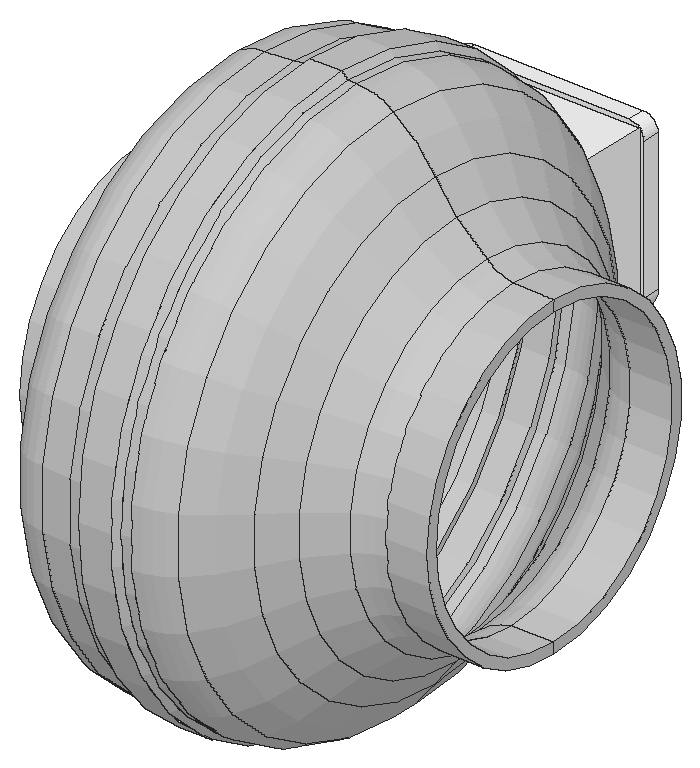
Revit family "CK 150 B AC 7000043", category Mechanical Equipment, Revit 2014
Parameters (values of type "CK 150 B AC")
  Wiring diagram = "4040001"
  Weight = 3.00 kg
  Voltage range = "220-240 / 50/60 V/Hz"
  Voltage = 230 V
  Speed = "2540 rpm"
  Sound pressure level at 3 m = "42 dB(A)"
  Power = 62 W
  Phase = 1
  Max. temperature of transported air when speed controlled = 60 °C
  Max. temperature of transported air = 60 °C
  Main Material = Steel, Galvanized
  Frequency = 50 Hz
  Elevation [instance] = 2735.5 mm
  Diameter = 149 mm
  Current = 0.27 A
  Capacitor = "2 μF"
Reference planes
  plane 1 "Center (Front/Back)": y = 0
  plane 2: z = 0
  plane 3 "Center (Left/Right)": x = 0
  plane 4: z = 2735.5
Dimensions and locks
  "Elevation": plane 4 to plane 2
  aligned and locked: level to plane 2
  aligned and locked: plane 1 "Center (Front/Back)" to nested 1
  aligned and locked: plane 3 "Center (Left/Right)" to nested 1
  aligned and locked: plane 1 "Center (Front/Back)" to nested 2
  aligned and locked: plane 3 "Center (Left/Right)" to nested 2
  aligned and locked: nested 1 to plane 4
Nested families
  nested 1: "CK 150 B AC_CK 150 B EC_geometry" at (0, 0, 2600), type "CK 150 B AC_CK 150 B EC_geometry"
  nested 2: "Flow direction symbol" at (0, 0, 0), type "Flow direction symbol"
Connectors
  hvac at (-95.5, 0, 2735.5), driven by "Diameter"
    settings: on nested 1, index 1, duct flow 0.0 L/s, flow factor 0, pres drop 0.0 Pa, loss coef 0, conn angle 0.00°, conn width 304.8 mm, conn height 304.8 mm, conn diameter 149 mm, duct sys type 1, conn prof type 0, flow config 0, flow direction 1, loss method 0, conn ref index -1, conn util no, is conn primary yes, conn desc ""
  hvac at (95.5, 0, 2735.5), driven by "Diameter"
    settings: on nested 1, index 2, duct flow 0.0 L/s, flow factor 0, pres drop 0.0 Pa, loss coef 0, conn angle 0.00°, conn width 304.8 mm, conn height 304.8 mm, conn diameter 149 mm, duct sys type 3, conn prof type 0, flow config 0, flow direction 2, loss method 0, conn ref index -1, conn util no, is conn primary no, conn desc ""
  electrical at (-43.502, 176.31, 2736.259), driven by "Phase", driven by "Voltage"
    settings: on nested 1, index 3, voltage 230 V, apparent load 0 VA, apparent load phase1 0 VA, apparent load phase2 0 VA, apparent load phase3 0 VA, power factor 1, load classification "Other", number of poles 1, system type 31, power factor state 1, is connector primary yes, connector utility no, sub classification motor no, connector description ""
Definition of nested family "CK 150 B AC_CK 150 B EC_geometry"
  Parameters (values of type "CK 150 B AC_CK 150 B EC_geometry")
    Main Material = Steel, Galvanized
  Reference planes
    plane 1 "Center (Front/Back)": y = 0
    plane 2: z = 0
    plane 3 "Center (Left/Right)": x = 0
    plane 4: z = 135.5
    plane 5: y = 176.31
    plane 6: y = 135.5
    plane 7: y = -135.5
    plane 8: x = -95.5
    plane 9: x = 95.5
    plane 10: z = 271
  Forms (mm)
    Revolve 1, solid, material "Steel, Galvanized" <- "Main Material", detail levels medium+fine
      sketch origin (0, 0, 0) x (1, 0, 0) y (0, 0, 1)
        loop
          line (-95.5, 135.5) -> (-95.5, 61) -> (-73.189, 61)
          arc (-73.189, 61) -> (-69.858, 60.044) -> (-67.542, 57.466) r 6.277
          line (-67.542, 57.466) -> (-61.367, 25.696)
          arc (-61.367, 25.696) -> (-55.154, 10.696) -> (-40.154, 4.483) r 21.213
          line (-40.154, 4.483) -> (-26.877, 3.555) -> (-19.319, 2.222) -> (-19.319, 0) -> (-4.319, 0) -> (-1.533, 2.786) -> (3.068, 2.786)
          arc (3.068, 2.786) -> (12.22, 4.236) -> (20.475, 8.447) r 29.588
          arc (20.475, 8.447) -> (31.087, 17.776) -> (39.808, 28.893) r 76.717
          arc (39.808, 28.893) -> (44.627, 35.765) -> (49.961, 42.245) r 108.834
          arc (49.961, 42.245) -> (56.533, 49.014) -> (63.667, 55.189) r 108.834
          arc (63.667, 55.189) -> (69.522, 58.814) -> (76.052, 61) r 29.827
          line (76.052, 61) -> (95.5, 61) -> (95.5, 135.5) -> (-95.5, 135.5)
        axis (95.5, 135.5) -> (-95.5, 135.5)
      angle from 0 to 360
    Extrusion 2, solid, material "Plastic", detail levels medium+fine
      sketch origin (0, 16.648, 13.75) x (1, 0, 0) y (0, 0, 1)
        loop
          line (-4.004, 163.259) -> (-83, 163.259)
          arc (-83, 163.259) -> (-87.95, 161.209) -> (-90, 156.259) r 7
          line (-90, 156.259) -> (-90, 90.259)
          arc (-90, 90.259) -> (-87.071, 83.188) -> (-80, 80.259) r 10
          line (-80, 80.259) -> (-7.004, 80.259)
          arc (-7.004, 80.259) -> (0.067, 83.188) -> (2.996, 90.259) r 10
          line (2.996, 90.259) -> (2.996, 156.259)
          arc (2.996, 156.259) -> (0.945, 161.209) -> (-4.004, 163.259) r 7
      from -159.662 to -151.628
    Extrusion 3, solid, material "Plastic", detail levels medium+fine
      sketch origin (0, 16.648, 13.75) x (0, 1, 0) y (0, 0, 1)
        loop
          line (118.852, 161.259) -> (118.852, 81.741) -> (151.628, 81.741) -> (151.628, 161.259) -> (118.852, 161.259)
      from -88 to 1
    Revolve 4, solid, material "Steel, Galvanized" <- "Main Material", detail levels coarse
      sketch origin (0, 0, 0) x (1, 0, 0) y (0, 0, 1)
        loop
          line (-95.5, 135.5) -> (-95.5, 61) -> (-72.314, 61)
          arc (-72.314, 61) -> (-68.991, 59.866) -> (-67.055, 56.938) r 5.435
          line (-67.055, 56.938) -> (-60.977, 22.47)
          arc (-60.977, 22.47) -> (-53.23, 8.764) -> (-38.588, 2.976) r 23.61
          arc (-38.588, 2.976) -> (-29.109, 2.055) -> (-19.811, 0) r 78.948
          line (-19.811, 0) -> (0, 0)
          arc (0, 0) -> (15.185, 3.614) -> (27.114, 13.682) r 33.709
          arc (27.114, 13.682) -> (41.035, 31.516) -> (55.883, 48.585) r 425.455
          arc (55.883, 48.585) -> (66.479, 56.788) -> (79.199, 61) r 39.718
          line (79.199, 61) -> (95.5, 61) -> (95.5, 135.5) -> (-95.5, 135.5)
        axis (95.5, 135.5) -> (-95.5, 135.5)
      angle from 0 to 360
    Revolve 5, void
      sketch origin (0, 0, 0) x (1, 0, 0) y (0, 0, 1)
        loop
          line (-95.5, 135.5) -> (-95.5, 66) -> (-73.189, 66)
          arc (-73.189, 66) -> (-66.891, 64.078) -> (-62.741, 58.968) r 11.277
          line (-62.741, 58.968) -> (-56.361, 26.146)
          arc (-56.361, 26.146) -> (-51.719, 14.334) -> (-39.991, 9.484) r 16.213
          line (-39.991, 9.484) -> (-26.267, 8.524) -> (-19.319, 7.299) -> (-19.319, 5) -> (-6.39, 5) -> (-1.533, 7.786) -> (3.068, 7.786)
          arc (3.068, 7.786) -> (10.674, 8.991) -> (17.533, 12.49) r 24.588
          arc (17.533, 12.49) -> (27.454, 21.211) -> (35.607, 31.604) r 71.717
          arc (35.607, 31.604) -> (40.647, 38.792) -> (46.226, 45.57) r 113.834
          arc (46.226, 45.57) -> (53.1, 52.65) -> (60.562, 59.108) r 113.834
          arc (60.562, 59.108) -> (67.643, 63.454) -> (75.553, 66) r 34.827
          line (75.553, 66) -> (95.5, 66) -> (95.5, 135.5) -> (-95.5, 135.5)
        axis (95.5, 135.5) -> (-95.5, 135.5)
      angle from 0 to 360
  Cuts and joins
    Revolve 5 cuts Revolve 1
  Dimensions and locks
    aligned and locked: level to plane 2
    aligned and locked: Extrusion 2 to Extrusion 3
Definition of nested family "Flow direction symbol"
  Parameters (values of type "Flow direction symbol")
    Warning = "!"
    Text = "DIMENSIONS OVERCONSTRAINT"
  Reference planes
    plane 1: y = 0
    plane 2: x = 0
  Lines and regions (mm)
    detail lines
      curve 1: line (-0.506, 0.877, 0) -> (-0.506, -0.877, 0)
      curve 2: line (1.012, 0, 0) -> (-0.506, -0.877, 0)
      curve 3: line (-0.506, 0.877, 0) -> (1.012, 0, 0)
      curve 4: circle (0, 0, 0) r 1 normal (0, 0, 1)
